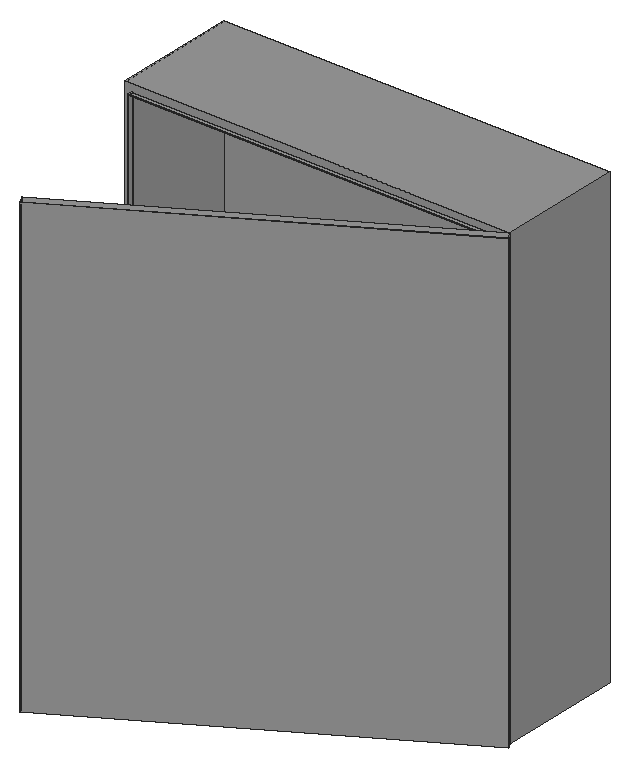
Revit family "Hager-Univers-IP55-D275-H950-Cl.I-Steel_encl-NoHosted-PL-en", category Equipement électrique, Revit 2020
Family settings
  Configuration du panneau = Deux colonnes, circuits au sein
  Cote de connecteur circulaire = Utiliser le diamètre
  Type d'élément = Tableau de raccordement
  Basée sur le plan de construction = Oui
  Toujours verticalement = Oui
  Couper avec des vides une fois chargée = Non
  Partagée = Non
  Point de calcul de pièce = Non
Parameters (values of type "Surface mounted (plaster) IP55 W800 H950 D275  - FR63E")
  Width Control [instance] = if([EF000008 - Width] > Min Width, [EF000008 - Width], Min Width)  # 800 mm
  Commentaires du type = [HG000003 - Range]  # "Univers"
  Thickness Door [instance] = if([EF009171 - Material plate thickness door/cover] > 3 mm, 3 mm, [EF009171 - Material plate thickness door/cover])  # 1.5 mm
  Seal Frame Offset [instance] = 17 mm  # constant formula
  Plinth Visibility [instance] = [HG000027 - Plinth height] > 0 mm  # no
  Min Width [instance] = 100 mm  # constant formula
  Min Depth [instance] = (2 * [EF009170 - Material plate thickness cabinet]) + 1 mm  # 4 mm
  Min Height [instance] = 100 mm  # constant formula
  Internal Frame Depth [instance] = (Door System Depth * 0.5)  # 9 mm
  Panel Name [instance] = ""  # (empty or 0)
  Model = ""
  HG000027 - Plinth height = 0 mm
  HG000026 - Floor standing = no
  HG000024 - Bottom section height = 600 mm
  HG000023 - Double section enclosure = no
  HG000016 - Door 3d visibility [instance] = yes
  HG000015 - Clearance visibility [instance] = no
  HG000014 - Door on the right [instance] = yes
  HG000013 - Door on the left [instance] = not([HG000014 - Door on the right])  # no
  HG000012 - Door swing angle [instance] = 30.00°
  HG000010 - Asymmetric doors = no
  HG000009 - Double swing door = no
  HG000006 - Flush mounted = no
  HG000004 - Manufacturer reference = "FR63E"
  HG000003 - Range = "Univers"
  HG000002 - With door or cover = yes
  Frame Offset Bottom [instance] = 10 mm  # constant formula
  Frame Offset [instance] = 15 mm  # constant formula
  EF015940 - Cover with overpressure release = no
  EF011959 - Degree of protection (NEMA) = ""
  EF009554 - Number of openings for flange plates = 6
  EF009212 - Cover model = "EV000116 - Closed"
  EF009171 - Material plate thickness door/cover = 1.5 mm
  EF009170 - Material plate thickness cabinet = 1.5 mm
  EF008873 - Nominal current (In) = 800 A
  EF007800 - Suitable for lightning protection = no
  EF006306 - With lock = no
  EF006244 - Transparent cover/door = no
  EF005474 - Degree of protection (IP) = "EV006420 - IP55"
  EF004464 - Type of door = "EV002646 - Single"
  EF004427 - Number of modules = 216
  EF004293 - Impact strength = "EV008784 - IK10"
  EF003532 - Suitable for outdoor use = no
  EF002950 - Width in number of modular spacings = 24
  EF001613 - Circuit integrity = "EV000494 - None"
  EF001596 - Material housing = "EV000179 - Steel"
  EF001131 - Internal depth = 275 mm
  EF001088 - Extension possible = yes
  EF000437 - Number of conduit inlets = 6
  EF000339 - Type of cover = "EV004216 - Door"
  EF000266 - Number of rows = 6
  EF000218 - Built-in depth = 0 mm
  EF000118 - With mounting plate = no
  EF000116 - RAL-number = "7035"
  EF000049 - Depth = 275 mm
  EF000040 - Height = 950 mm
  EF000008 - Width = 800 mm
  EF000007 - Colour = "EV000270 - Grey"
  EF000003 - Mounting method = "EV000384 - Surface mounted (plaster)"
  Door System Leaf Tolerance [instance] = 1.5 mm  # constant formula
  Door System Depth [instance] = 18 mm  # constant formula
  Door Height [instance] = Height Control - [HG000027 - Plinth height]  # 950 mm
  Description = ""
  Default Elevation = 1219.2 mm
  Connector Offset [instance] = Height Control / 2  # 475 mm
  Fabricant = "Hager"  # constant formula
  Height Control [instance] = if([EF000040 - Height] > Min Height, [EF000040 - Height], Min Height)  # 950 mm
  Depth Control [instance] = if([EF000049 - Depth] > Min Depth, [EF000049 - Depth], Min Depth)  # 275 mm
  Bottom Top Plate Trim [instance] = 1.5 mm  # constant formula
  Plinth height Ctrl [instance] = if([HG000027 - Plinth height] > 0 mm, [HG000027 - Plinth height], 12 mm)  # 12 mm
Types (5, lengths in mm): name | Width Control | HG000010 - Asymmetric doors | HG000009 - Double swing door | HG000004 - Manufacturer reference | EF009554 - Number of openings for flange plates | EF004464 - Type of door | EF004427 - Number of modules | EF000437 - Number of conduit inlets | EF000008 - Width
  Surface mounted (plaster) IP55 W1050 H950 D275  - FR64E | 1050 | no | yes | "FR64E" | 8 | "EV003602 - Double" | 288 | 8 | 1050
  Surface mounted (plaster) IP55 W1300 H950 D275  - FR65E | 1300 | yes | yes | "FR65E" | 10 | "EV003602 - Double" | 360 | 10 | 1300
  Surface mounted (plaster) IP55 W300 H950 D275  - FR61E | 300 | no | no | "FR61E" | 2 | "EV002646 - Single" | 72 | 2 | 300
  Surface mounted (plaster) IP55 W550 H950 D275  - FR62E | 550 | no | no | "FR62E" | 4 | "EV002646 - Single" | 144 | 4 | 550
  Surface mounted (plaster) IP55 W800 H950 D275  - FR63E | 800 | no | no | "FR63E" | 6 | "EV002646 - Single" | 216 | 6 | 800
Reference planes
  plane 1 "Center (Front/Back)": y = 0
  plane 2: z = 0
  plane 3 "Center (Left/Right)": x = 0
  plane 4: y = 0
  plane 5: y = 0
  plane 6: z = 0
  plane 7: x = -400
  plane 8: x = 400
  plane 9: x = 398.5
  plane 10: x = -398.5
  plane 11: z = 0
  plane 12: z = 1.5
  plane 13: y = -275
  plane 14: y = -1.5
  plane 15: x = 0
  plane 16: y = -257
  plane 17: y = -273.5
  plane 18: y = -255.5
  plane 19: x = -383.5
  plane 20: x = 383.5
  plane 21: z = 11.5
  plane 22: x = -383
  plane 23: x = 383
  plane 24: z = 0
  plane 25: z = 950
  plane 26: z = 950
  plane 27: z = 933.5
  plane 28: z = 948.5
Forms (mm)
  Extrusion 1, solid, material "Hager_Steel_RAL7035_Light_Grey", detail levels medium+fine
    sketch origin (-208.679, -4572, 0) x (-1, 0, 0) y (0, -1, 0)
      loop
        line (191.321, -4315) -> (-608.679, -4315) -> (-608.679, -4572) -> (191.321, -4572) -> (191.321, -4315)
    from 0 to 950
  Extrusion 2, void
    sketch origin (-350.771, -275, 1219.2) x (1, 0, 0) y (0, 0, 1)
      loop
        line (-47.729, -270.7) -> (-47.729, -1217.7) -> (749.271, -1217.7) -> (749.271, -270.7) -> (-47.729, -270.7)
    from -19.5 to -273.5
  Extrusion 3, void
    sketch origin (-290.084, -257, 1219.2) x (1, 0, 0) y (0, 0, 1)
      loop
        line (-93.416, -1207.7) -> (673.584, -1207.7) -> (673.584, -285.7) -> (-93.416, -285.7) -> (-93.416, -1207.7)
    from 0 to -1.5
  Extrusion 4, solid, material "Hager_Steel_RAL7035_Light_Grey", visible <- "Plinth Visibility", detail levels medium+fine
    sketch origin (0, 0, 0) x (1, 0, 0) y (0, 1, 0)
      loop
        line (-400, 0) -> (-400, -257) -> (400, -257) -> (400, 0) -> (-400, 0)
    from 0 to 12 <- "Plinth height Ctrl"
  Extrusion 5, solid, material "Hager_Steel_RAL7035_Light_Grey", detail levels coarse
    sketch origin (0, 0, 0) x (1, 0, 0) y (0, 1, 0)
      loop
        line (-400, 0) -> (-400, -275) -> (400, -275) -> (400, 0) -> (-400, 0)
    from 0 to 950 <- "Height Control"
  Sweep 6, void
    path in 3D
      loop
        line (-400, -257, 12) -> (400, -257, 12) -> (400, 0, 12) -> (-400, 0, 12) -> (-400, -257, 12)
    profile origin (-400, -128.5, 12) x (1, 0, 0) y (0, 0, 1)
      loop
        line (0, 0) -> (0, -1.5) -> (1.5, -1.5)
        arc (1.5, -1.5) -> (1.061, -0.439) -> (0, 0) r 1.5
  Extrusion 7, solid, material "Hager_Steel_RAL7035_Light_Grey", detail levels fine
    sketch origin (-400, -257, 0) x (1, 0, 0) y (0, 0, 1)
      loop
        line (16.5, 11.5) -> (783.5, 11.5) -> (783.5, 933.5) -> (16.5, 933.5) -> (16.5, 11.5)
      loop
        line (15, 10) -> (785, 10) -> (785, 935) -> (15, 935) -> (15, 10)
    from 0 to 9 <- "Internal Frame Depth"
Cuts and joins
  Extrusion 2, Extrusion 3 cuts Extrusion 1
  Sweep 6 cuts Extrusion 4
Lines and regions (mm)
  Masking region 1
    outline origin (0, 0, 0) x (1, 0, 0) y (0, 1, 0)
      loop
        line (-400, 0) -> (-400, -275) -> (400, -275) -> (400, 0) -> (-400, 0)
  Masking region 2, detail levels coarse
    outline origin (-290.084, -257, 1219.2) x (-1, 0, 0) y (0, 0, 1)
      loop
        line (-690.084, -1219.2) -> (109.916, -1219.2) -> (109.916, -269.2) -> (-690.084, -269.2) -> (-690.084, -1219.2)
  Masking region 3, detail levels coarse
    outline origin (0, 0, 0) x (0, 1, 0) y (0, 0, 1)
      loop
        line (0, 0) -> (0, 950) -> (-275, 950) -> (-275, 0) -> (0, 0)
  Masking region 4, visible <- "Plinth Visibility", detail levels medium+fine
    outline origin (0, 0, 0) x (0, 1, 0) y (0, 0, 1)
      loop
        line (-1.5, 12) -> (-255.5, 12)
        arc (-255.5, 12) -> (-255.939, 10.939) -> (-257, 10.5) r 1.5
        line (-257, 10.5) -> (-257, 0) -> (0, 0) -> (0, 10.5)
        arc (0, 10.5) -> (-1.061, 10.939) -> (-1.5, 12) r 1.5
  Masking region 5, detail levels medium+fine
    outline origin (0, 0, 594.038) x (0, 1, 0) y (0, 0, 1)
      loop
        line (0, -594.038) -> (0, 355.962) -> (-257, 355.962) -> (-257, -594.038) -> (0, -594.038)
  Masking region 6, detail levels medium+fine
    outline origin (-359.7, -257, 1211.883) x (-1, 0, 0) y (0, 0, 1)
      loop
        line (-759.7, -1211.883) -> (40.3, -1211.883) -> (40.3, -261.883) -> (-759.7, -261.883) -> (-759.7, -1211.883)
  Masking region 7, visible <- "Plinth Visibility", detail levels medium+fine
    outline origin (-320.334, -257, 1041.368) x (-1, 0, 0) y (0, 0, 1)
      loop
        line (-720.334, -1041.368) -> (79.666, -1041.368) -> (79.666, -1030.868)
        arc (79.666, -1030.868) -> (78.606, -1030.429) -> (78.166, -1029.368) r 1.5
        line (78.166, -1029.368) -> (-718.834, -1029.368)
        arc (-718.834, -1029.368) -> (-719.273, -1030.429) -> (-720.334, -1030.868) r 1.5
        line (-720.334, -1030.868) -> (-720.334, -1041.368)
  sketch lines
    curve 1: line (-400, 0, 12) -> (-400, -257, 12)
    curve 2: line (-400, -257, 12) -> (400, -257, 12)
    curve 3: line (400, 0, 12) -> (-400, 0, 12)
    curve 4: line (400, -257, 12) -> (400, 0, 12)
Dimensions and locks
  locked: plane 1 "Center (Front/Back)" to plane 5
  "EF009170 - Material plate thickness cabinet": plane 7 to plane 10
  "EF009170 - Material plate thickness cabinet": plane 8 to plane 9
  equal spacing: plane 7, plane 3 "Center (Left/Right)", plane 8
  "Width Control": plane 7 to plane 8
  "Depth Control": plane 4 to plane 13
  "EF009170 - Material plate thickness cabinet": plane 4 to plane 14
  "Height Control": plane 25 to level
  "HG000027 - Plinth height": plane 11 to level
  "EF009170 - Material plate thickness cabinet": plane 12 to plane 11
  "EF009170 - Material plate thickness cabinet": plane 17 to plane 13
  "EF009170 - Material plate thickness cabinet": plane 18 to plane 16
  "Frame Offset Bottom": plane 21 to plane 12
  "Frame Offset": plane 10 to plane 19
  "Frame Offset": plane 9 to plane 20
  "Door System Depth": plane 16 to plane 13
  "Seal Frame Offset": plane 7 to plane 22
  "Seal Frame Offset": plane 8 to plane 23
  "EF009170 - Material plate thickness cabinet": plane 26 to plane 28
  "Frame Offset": plane 28 to plane 27
  "Connector Offset": plane 2 to connector elem
  "Bottom Top Plate Trim": profile plane to Sweep 6 sketch curve
  "Bottom Top Plate Trim": Sweep 6 sketch curve to Sweep 6 sketch curve
  "Plinth height Ctrl": Masking region 4 sketch curve to level
  "Plinth height Ctrl": Masking region 7 sketch curve to level
  "Thickness Door": Extrusion 7 sketch curve to Extrusion 7 sketch curve  (x4)
  "Bottom Top Plate Trim": radius of Sweep 6 sketch curve
  "Bottom Top Plate Trim": radius of Masking region 4 sketch curve  (x2)
  "Bottom Top Plate Trim": radius of Masking region 7 sketch curve  (x2)
  aligned and locked: Extrusion 2 sketch curve to plane 12
  aligned and locked: Extrusion 2 sketch curve to plane 9
  aligned and locked: Extrusion 2 sketch curve to plane 10
  aligned and locked: Extrusion 2 to plane 14
  aligned and locked: Extrusion 1 sketch curve to plane 4
  aligned and locked: plane 8 to Extrusion 1 sketch curve
  aligned and locked: plane 7 to Extrusion 1 sketch curve
  aligned and locked: Extrusion 2 to plane 18
  aligned and locked: Extrusion 3 sketch curve to plane 19
  aligned and locked: plane 20 to Extrusion 3 sketch curve
  aligned and locked: Extrusion 3 to Extrusion 2
  aligned and locked: Extrusion 3 sketch curve to plane 21
  aligned and locked: plane 3 "Center (Left/Right)" to nested 1
  aligned and locked: Extrusion 1 sketch curve to plane 16
  aligned and locked: Extrusion 4 sketch curve to cut or joined group of Extrusion 1, Extrusion 2, Extrusion 3
  aligned and locked: Masking region 1 sketch curve to plane 7
  aligned and locked: Masking region 1 sketch curve to plane 5
  aligned and locked: Masking region 1 sketch curve to plane 8
  aligned and locked: Masking region 2 sketch curve to level
  aligned and locked: level to Masking region 3 sketch curve
  aligned and locked: plane 1 "Center (Front/Back)" to Masking region 3 sketch curve
  aligned and locked: plane 13 to Masking region 3 sketch curve
  aligned and locked: plane 5 to Masking region 4 sketch curve
  aligned and locked: Masking region 2 sketch curve to plane 8
  aligned and locked: Masking region 2 sketch curve to plane 7
  aligned and locked: plane 7 to nested 2
  aligned and locked: nested 2 to plane 5
  aligned and locked: plane 5 to Masking region 5 sketch curve
  aligned and locked: plane 26 to Masking region 5 sketch curve
  aligned and locked: Extrusion 5 sketch curve to plane 8
  aligned and locked: Extrusion 5 sketch curve to plane 7
  aligned and locked: Extrusion 5 sketch curve to plane 5
  aligned and locked: Extrusion 3 sketch curve to plane 27
  aligned and locked: Extrusion 2 sketch curve to plane 28
  aligned and locked: Masking region 2 to plane 25
  aligned and locked: Extrusion 4 to plane 16
  aligned and locked: profile plane to Sweep 6 sketch curve
  aligned and locked: Masking region 5 sketch curve to plane 24
  aligned and locked: level to Masking region 4 sketch curve
  aligned and locked: Masking region 1 to plane 13
  aligned and locked: nested 1 to plane 16
  aligned and locked: Masking region 3 to plane 25
  aligned and locked: plane 16 to Masking region 4 sketch curve
  aligned and locked: Masking region 5 sketch curve to plane 16
  aligned and locked: plane 24 to plane 11
  aligned and locked: plane 26 to plane 25
  aligned and locked: plane 26 to cut or joined group of Extrusion 1, Extrusion 2, Extrusion 3
  aligned and locked: nested 1 to plane 24
  aligned and locked: Extrusion 1 to Extrusion 3
  aligned and locked: Masking region 6 sketch curve to plane 8
  aligned and locked: Masking region 6 sketch curve to plane 24
  aligned and locked: Masking region 6 sketch curve to plane 7
  aligned and locked: Masking region 6 sketch curve to plane 26
  aligned and locked: Masking region 7 sketch curve to plane 7
  aligned and locked: level to Masking region 7 sketch curve
  aligned and locked: Masking region 7 sketch curve to plane 8
  aligned and locked: Extrusion 7 sketch curve to cut or joined group of Extrusion 1, Extrusion 2, Extrusion 3  (x4)
Automatic sketch dimensions
  plane 19 to Extrusion 3 sketch curve = 0 mm
  Extrusion 3 sketch curve to plane 20 = 0 mm
  Extrusion 3 sketch curve to plane 21 = 0 mm
  Extrusion 4 sketch curve to plane 7 = 0 mm
  Extrusion 4 sketch curve to plane 8 = 0 mm
  Extrusion 4 sketch curve to plane 16 = 0 mm
  Masking region 1 sketch curve to plane 13 = 0 mm
  Masking region 2 sketch curve to plane 25 = 0 mm
  Masking region 3 sketch curve to plane 25 = 0 mm
  Extrusion 5 sketch curve to plane 13 = 0 mm
  profile plane to Sweep 6 sketch curve = 0 mm
Nested families
  nested 1: "EC000058_Univers_Door" at (0, -257, 0), Double <- "HG000009 - Double swing door", Transparent <- "EF006244 - Transparent cover/door", Angle <- "HG000012 - Door swing angle", Door_Right <- "HG000014 - Door on the right", Assymetrical <- "HG000010 - Asymmetric doors", Door <- "HG000002 - With door or cover", Width_Ctrl <- "Width Control", 3d_Door <- "HG000016 - Door 3d visibility", Clearance <- "HG000015 - Clearance visibility", Door_Left <- "HG000013 - Door on the left", Width <- "Width Control", Door_Depth <- "Door System Depth", Leaf_Tolerance <- "Door System Leaf Tolerance", Height <- "Door Height", Lock_Visibility <- "EF006306 - With lock", Thickness <- "Thickness Door", type "EC000058_Univers_Door", detail levels medium+fine
    with min_wh 4 mm, Width_Ctrl 800 mm, Width 800 mm, Transparent no, Thickness 1.5 mm, Seal_Material Hager_Rubber, Lock_Visibility no, Lock_Material Hager_Plastic_RAL9005_Jet_Black, Leaf_Width 800 mm, Leaf_Tolerance_External_Sides 0 mm, Leaf_Tolerance 1.5 mm, Leaf_Offset 0 mm, Leaf_Height 947 mm, Leaf_2_Width 800 mm, Leaf_2_Offset 400 mm, Leaf_1_Width 800 mm, Leaf_1_Offset 400 mm, Height_Ctrl 950 mm, Height 950 mm, Glass_Material Hager_Glass, Double_Clearance_Ctrl no, Double no, Door_Right_Ctrl yes, Door_Right yes, Door_Material Hager_Steel_RAL7035_Light_Grey, Door_Left_Ctrl no, Door_Left no, Door_Depth 18 mm, Door yes, Clearance_Material Hager_Clearance, Clearance_Depth 800 mm, Clearance_Ctrl no, Clearance no, Assymetrical no, Angle 30.00°, 3d_Door yes
  nested 2: "Hager_Enclosure_Symbol" at (-400, 0, 0), Height <- "Depth Control", Width <- "Width Control", type "Hager_Enclosure_Symbol"
    with Width_Ctrl 800 mm, Width 800 mm, Height_Ctrl 275 mm, Height 275 mm, A_Width_Int 18.047 mm, A_Width 216.562 mm, A_Height_Ctrl 240.625 mm, A_Height 240.625 mm
Connectors
  electrical at (0, 0, 475)
    settings: on plane 1 "Center (Front/Back)", index 1, voltage 0 V, apparent load 0 VA, apparent load phase1 0 VA, apparent load phase2 0 VA, apparent load phase3 0 VA, power factor 1, load classification "Other", number of poles 1, system type 30, power factor state 1, is connector primary yes, connector utility no, sub classification motor no, connector description ""
Definition of nested family "EC000058_Univers_Door"
  Parameters (values of type "EC000058_Univers_Door")
    min_wh [instance] = (2 * Thickness) + 1 mm  # 11 mm
    Width_Ctrl [instance] = 400 mm
    Width [instance] = 500 mm
    Transparent [instance] = yes
    Thickness [instance] = 5 mm
    Seal_Material [instance] = none
    Lock_Visibility [instance] = yes
    Lock_Material [instance] = none
    Leaf_Width [instance] = if((Width_Ctrl - 2 * Leaf_Tolerance_External_Sides) > 0 mm, (Width_Ctrl - 2 * Leaf_Tolerance_External_Sides), min_wh)  # 400 mm
    Leaf_Tolerance_External_Sides [instance] = 0 mm  # constant formula
    Leaf_Tolerance [instance] = 1.5 mm
    Leaf_Offset [instance] = 0 mm  # constant formula
    Leaf_Height [instance] = if((Height_Ctrl - 2 * Leaf_Tolerance) > 0 mm, (Height_Ctrl - 2 * Leaf_Tolerance), min_wh)  # 497 mm
    Leaf_2_Width [instance] = if(and(and(Double, Assymetrical), Door_Left), (Leaf_Width / 3) - (Leaf_Tolerance / 2), if(and(and(Double, Assymetrical), Door_Right), (Leaf_Width / 3) * 2 - (Leaf_Tolerance / 2), if(and(Double, not(Assymetrical)), (Leaf_Width / 2) - Leaf_Tolerance, Leaf_Width)))  # 400 mm
    Leaf_2_Offset [instance] = if(and(Double, Assymetrical), Leaf_2_Width / 2, if(and(Double, not(Assymetrical)), Leaf_Width / 4, Leaf_Width / 2))  # 200 mm
    Leaf_1_Width [instance] = if(and(and(Double, Assymetrical), Door_Right), (Leaf_Width / 3) - (Leaf_Tolerance / 2), if(and(and(Double, Assymetrical), Door_Left), (Width / 3) * 2 - (Leaf_Tolerance / 2), if(and(Double, not(Assymetrical)), (Leaf_Width / 2) - Leaf_Tolerance, Leaf_Width)))  # 400 mm
    Leaf_1_Offset [instance] = if(and(Double, Assymetrical), Leaf_1_Width / 2, if(and(Double, not(Assymetrical)), Leaf_Width / 4, Leaf_Width / 2))  # 200 mm
    Height_Ctrl [instance] = if(Height > min_wh, Height, min_wh)  # 500 mm
    Height [instance] = 500 mm
    Glass_Material [instance] = none
    Double_Clearance_Ctrl [instance] = and(Double, Clearance)  # no
    Double [instance] = no
    Door_Right_Ctrl [instance] = and(or(Door_Right, Double), Door)  # yes
    Door_Right [instance] = yes
    Door_Material [instance] = none
    Door_Left_Ctrl [instance] = and(or(Door_Left, Double), Door)  # no
    Door_Left [instance] = no
    Door_Depth [instance] = 30 mm
    Door [instance] = yes
    Default Elevation = 1219.2 mm
    Clearance_Material [instance] = none
    Clearance_Depth [instance] = if(Leaf_1_Width > Leaf_2_Width, Leaf_1_Width, Leaf_2_Width)  # 400 mm
    Clearance_Ctrl [instance] = and(not(Double), Clearance)  # yes
    Clearance [instance] = yes
    Assymetrical [instance] = yes
    Angle [instance] = 30.00°
    3d_Door [instance] = yes
  Reference planes
    plane 1 "Center (Front/Back)": y = 0
    plane 2 "Bottom": z = 0
    plane 3 "Center (Left/Right)": x = 0
    plane 4: z = 500
    plane 5: x = -200
    plane 6: x = 200
    plane 7: z = 500
    plane 8: x = -200
    plane 9: z = 0
    plane 10: x = 200
    plane 11: y = 0
    plane 12: z = 1.5
    plane 13: x = -600
    plane 14: y = -400
    plane 15: x = 600
    plane 16: x = 0
    plane 17: x = 0
    plane 18: x = -200
    plane 19: x = 200
    plane 20: z = 498.5
  Forms (mm)
    Extrusion 1, solid, material <- "Clearance_Material", visible <- "Double_Clearance_Ctrl"
      sketch origin (1200, 0, 0) x (1, 0, 0) y (0, 0, -1)
        loop
          line (-1800, -498.5) -> (-600, -498.5) -> (-600, 0) -> (-1800, 0) -> (-1800, -498.5)
      from 0 to -400
  Dimensions and locks
    equal spacing: plane 5, plane 3 "Center (Left/Right)", plane 6
    "Width_Ctrl": plane 5 to plane 6
    "Leaf_Offset": plane 5 to plane 8
    "Leaf_Offset": plane 6 to plane 10
    "Leaf_Offset": plane 9 to level
    "Leaf_Offset": plane 4 to plane 7
    "Height_Ctrl": plane 4 to level
    "Leaf_Tolerance": plane 12 to plane 9
    locked: plane 11 to plane 1 "Center (Front/Back)"
    "Leaf_1_Offset": plane 18 to plane 16
    "Leaf_2_Offset": plane 17 to plane 19
    "Leaf_1_Width": plane 13 to plane 8
    "Leaf_2_Width": plane 10 to plane 15
    "Clearance_Depth": plane 14 to plane 1 "Center (Front/Back)"
    "Leaf_Tolerance_External_Sides": plane 8 to plane 18
    "Leaf_Tolerance_External_Sides": plane 19 to plane 10
    "Leaf_Tolerance": plane 7 to plane 20
    aligned and locked: level to plane 2 "Bottom"
    aligned and locked: nested 1 to plane 16
    aligned and locked: nested 2 to plane 17
    aligned and locked: Extrusion 1 to plane 13
    aligned and locked: plane 15 to Extrusion 1
    aligned and locked: Extrusion 1 to plane 14
    aligned and locked: plane 12 to nested 1
    aligned and locked: nested 2 to plane 12
    aligned and locked: Extrusion 1 to plane 11
    aligned and locked: plane 20 to Extrusion 1
    aligned and locked: nested 2 to plane 11
    aligned and locked: nested 1 to plane 11
  Automatic sketch dimensions
    Extrusion 1 sketch curve to level = 0 mm
    plane 5 to Extrusion 1 sketch curve = 400 mm
    plane 6 to Extrusion 1 sketch curve = 400 mm
    Extrusion 1 sketch curve to plane 4 = 1.5 mm
  Nested families
    nested 1: "EC000058_Univers_Door_Leaf" at (0, 0, 1.5), Width <- "Leaf_1_Width", visible <- "Door_Left_Ctrl", Leaf_Height <- "Leaf_Height", Angle <- "Angle", 3d_Door <- "3d_Door", Transparent <- "Transparent", Clearance Material <- "Clearance_Material", Clearance <- "Clearance_Ctrl", Door_Material <- "Door_Material", Glass_Material <- "Glass_Material", Door_Depth <- "Door_Depth", Lock_Material <- "Lock_Material", Seal_Material <- "Seal_Material", Lock_Visibility <- "Lock_Visibility", Thickness <- "Thickness", type "EC000058_Univers_Door_Leaf"
      with Width 400 mm, Transparent_Glass_Offset 30 mm, Transparent_Ctrl yes, Transparent yes, Thickness 5 mm, Standard no, Seal_Material none, Seal_D2 8 mm, Seal_D1 1 mm, Offset_Internal_Frame 10 mm, Lock_Width 20 mm, Lock_Visibility_3d yes, Lock_Visibility yes, Lock_Thickness_3 3 mm, Lock_Thickness_2 1 mm, Lock_Thickness_1 3 mm, Lock_Radius_Offset_2 16 mm, Lock_Radius_Offset_1 15 mm, Lock_Radius_2 5 mm, Lock_Radius 6 mm, Lock_Offset 5 mm, Lock_Material none, Lock_Height 80 mm, Lock_Cover_Top_Offset_2d 17 mm, Lock_Cover_Height -65 mm, Leaf_Height 497 mm, Internal_Seal_Thickness 8 mm, Internal_Seal_Depth_2 4.5 mm, Internal_Frame_Depth 25 mm, Glass_Thickness -1 mm, Glass_Offset -2 mm, Glass_Material none, Door_Material none, Door_Depth 30 mm, Clearance Material none, Clearance yes, Angle_Ctrl 30.00°, Angle 30.00°, 3d_Door yes
    nested 2: "EC000058_Univers_Door_Leaf" at (0, 0, 1.5) x (-1, 0, 0) z (0, 0, 1), Width <- "Leaf_2_Width", visible <- "Door_Right_Ctrl", Leaf_Height <- "Leaf_Height", Angle <- "Angle", 3d_Door <- "3d_Door", Transparent <- "Transparent", Clearance Material <- "Clearance_Material", Clearance <- "Clearance_Ctrl", Door_Material <- "Door_Material", Glass_Material <- "Glass_Material", Door_Depth <- "Door_Depth", Lock_Material <- "Lock_Material", Seal_Material <- "Seal_Material", Lock_Visibility <- "Lock_Visibility", Thickness <- "Thickness", type "EC000058_Univers_Door_Leaf"
      with Width 400 mm, Transparent_Glass_Offset 30 mm, Transparent_Ctrl yes, Transparent yes, Thickness 5 mm, Standard no, Seal_Material none, Seal_D2 8 mm, Seal_D1 1 mm, Offset_Internal_Frame 10 mm, Lock_Width 20 mm, Lock_Visibility_3d yes, Lock_Visibility yes, Lock_Thickness_3 3 mm, Lock_Thickness_2 1 mm, Lock_Thickness_1 3 mm, Lock_Radius_Offset_2 16 mm, Lock_Radius_Offset_1 15 mm, Lock_Radius_2 5 mm, Lock_Radius 6 mm, Lock_Offset 5 mm, Lock_Material none, Lock_Height 80 mm, Lock_Cover_Top_Offset_2d 17 mm, Lock_Cover_Height -65 mm, Leaf_Height 497 mm, Internal_Seal_Thickness 8 mm, Internal_Seal_Depth_2 4.5 mm, Internal_Frame_Depth 25 mm, Glass_Thickness -1 mm, Glass_Offset -2 mm, Glass_Material none, Door_Material none, Door_Depth 30 mm, Clearance Material none, Clearance yes, Angle_Ctrl 30.00°, Angle 30.00°, 3d_Door yes
  Definition of nested family "EC000058_Univers_Door_Leaf"
    Parameters (values of type "EC000058_Univers_Door_Leaf")
      Width [instance] = 2000 mm
      Transparent_Glass_Offset [instance] = 30 mm
      Transparent_Ctrl [instance] = and(Transparent, [3d_Door])  # yes
      Transparent [instance] = yes
      Thickness [instance] = 5 mm
      Standard [instance] = and(not(Transparent), [3d_Door])  # no
      Seal_Material [instance] = none
      Seal_D2 [instance] = 8 mm  # constant formula
      Seal_D1 [instance] = 1 mm  # constant formula
      Offset_Internal_Frame [instance] = 10 mm  # constant formula
      Lock_Width [instance] = 20 mm  # constant formula
      Lock_Visibility_3d [instance] = and(Lock_Visibility, [3d_Door])  # yes
      Lock_Visibility [instance] = yes
      Lock_Thickness_3 [instance] = 3 mm  # constant formula
      Lock_Thickness_2 [instance] = 1 mm  # constant formula
      Lock_Thickness_1 [instance] = 3 mm  # constant formula
      Lock_Radius_Offset_2 [instance] = Lock_Radius_Offset_1 + 1 mm  # 16 mm
      Lock_Radius_Offset_1 [instance] = 15 mm  # constant formula
      Lock_Radius_2 [instance] = Lock_Radius - 1 mm  # 5 mm
      Lock_Radius [instance] = 6 mm  # constant formula
      Lock_Offset [instance] = 5 mm  # constant formula
      Lock_Material [instance] = none
      Lock_Height [instance] = 80 mm  # constant formula
      Lock_Cover_Top_Offset_2d [instance] = Lock_Radius_Offset_2 + 1 mm  # 17 mm
      Lock_Cover_Height [instance] = -(Lock_Height - Lock_Radius_Offset_1)  # -65 mm
      Leaf_Height [instance] = 2720.336 mm
      Internal_Seal_Thickness [instance] = 8 mm  # constant formula
      Internal_Seal_Depth_2 [instance] = 4.5 mm  # constant formula
      Internal_Frame_Depth [instance] = if(Door_Depth - Thickness > 5 mm, Door_Depth - Thickness, 5 mm)  # 25 mm
      Glass_Thickness [instance] = if(Thickness > 15 mm, Glass_Offset + 10 mm, -1 mm)  # -1 mm
      Glass_Offset [instance] = if(Thickness > 15 mm, -(Thickness + 10 mm) / 2, -2 mm)  # -2 mm
      Glass_Material [instance] = none
      Door_Material [instance] = none
      Door_Depth [instance] = 30 mm
      Default Elevation = 0 mm
      Clearance Material [instance] = none
      Clearance [instance] = yes
      Angle_Ctrl [instance] = if(Angle > 180.00°, 180.00°, Angle)  # 90.00°
      Angle [instance] = 90.00°
      3d_Door [instance] = yes
    Reference planes
      plane 1 "Center (Front/Back)": y = 0
      plane 2: z = 0
      plane 3 "Center (Left/Right)": x = 0
      plane 4: y = 2000
      plane 5: x = -1000
      plane 6: x = 1000
      plane 7: x = -3000
      plane 8: z = 2720.336
      plane 9: z = 30
      plane 10: z = 2690.336
      plane 11: x = 970
      plane 12: x = -970
      plane 13: y = -3
      plane 14: z = 107.833
      plane 15: y = -5
      plane 16: y = -223.314
      plane 17: x = -1000
      plane 18: z = 1360.168
      plane 19: y = 30
    Forms (mm)
      Extrusion 1, solid, material <- "Clearance Material", visible <- "Clearance"
        sketch origin (0, 0, 0) x (1, 0, 0) y (0, 0, 1)
          loop
            line (-3000, 2720.336) -> (-3000, 0) -> (1000, 0) -> (1000, 2720.336) -> (-3000, 2720.336)
        from 0 to -2000
      Extrusion 2, solid, material <- "Door_Material", visible <- "Standard", detail levels medium+fine
        sketch origin (-1000, 0, 0) x (0, 1, 0) y (-1, 0, 0)
          loop
            line (0, 30) -> (0, 25) -> (2000, 25) -> (2000, 30) -> (0, 30)
        from 0 to 2720.336 <- "Leaf_Height"
      Extrusion 3, solid, material <- "Door_Material", visible <- "Transparent_Ctrl", detail levels medium+fine
        sketch origin (-1000, 0, 0) x (0, 1, 0) y (-1, 0, 0)
          loop
            line (0, 25) -> (2000, 25) -> (2000, 30) -> (0, 30) -> (0, 25)
        from 0 to 2720.336 <- "Leaf_Height"
      Extrusion 4, void
        sketch origin (-1025, 2000, 0) x (0, 1, 0) y (0, 0, -1)
          loop
            line (-30, -2690.336) -> (-30, -30) -> (-1970, -30) -> (-1970, -2690.336) -> (-30, -2690.336)
        from 0 to 5 <- "Thickness"
      Sweep 5, solid, material <- "Seal_Material", visible <- "Transparent_Ctrl", detail levels fine
        path in 3D
          loop
            line (-1025, 30, 30) -> (-1025, 30, 2690.336) -> (-1025, 1970, 2690.336) -> (-1025, 1970, 30) -> (-1025, 30, 30)
        profile origin (-1025, 1000, 30) x (1, 0, 0) y (0, 0, 1)
          loop
            line (0, 0) -> (0, -8) -> (1, -8) -> (1, 0) -> (0, 0)
      Extrusion 6, solid, material <- "Glass_Material", visible <- "Transparent_Ctrl", detail levels medium+fine
        sketch origin (-1030, 0, 0) x (0, 1, 0) y (0, 0, -1)
          loop
            line (1970, -2690.336) -> (1970, -30) -> (30, -30) -> (30, -2690.336) -> (1970, -2690.336)
        from -2 <- "Glass_Offset" to -1 <- "Glass_Thickness"
      Extrusion 7, solid, material <- "Door_Material", visible <- "3d_Door", detail levels medium+fine
        sketch origin (-1025, 2000, 0) x (0, -1, 0) y (0, 0, -1)
          loop
            line (0, -2720.336) -> (2000, -2720.336) -> (2000, 0) -> (0, 0) -> (0, -2720.336)
          loop
            line (1995, -5) -> (5, -5) -> (5, -2715.336) -> (1995, -2715.336) -> (1995, -5)
        from 0 to 25 <- "Internal_Frame_Depth"
      Sweep 8, solid, material <- "Seal_Material", visible <- "Transparent_Ctrl", detail levels fine
        path in 3D
          loop
            line (-1025, 0, 0) -> (-1025, 2000, 0) -> (-1025, 2000, 2720.336) -> (-1025, 0, 2720.336) -> (-1025, 0, 0)
        profile origin (-1025, 0, 1360.168) x (1, 0, 0) y (0, 1, 0)
          loop
            line (0, 10) -> (2.975, 10)
            arc (2.975, 10) -> (4.053, 10.447) -> (4.5, 11.525) r 1.525
            line (4.5, 11.525) -> (4.5, 16.527)
            arc (4.5, 16.527) -> (4.069, 17.569) -> (3.027, 18) r 1.473
            line (3.027, 18) -> (0, 18) -> (0, 10)
      Extrusion 9, solid, material <- "Lock_Material", visible <- "Lock_Visibility_3d", detail levels fine
        sketch origin (-1030, 0, 0) x (0, 1, 0) y (0, 0, -1)
          loop
            arc (1993.5, -1400.168) -> (1994.561, -1399.729) -> (1995, -1398.668) r 1.5
            line (1995, -1398.668) -> (1995, -1320.168) -> (1975, -1320.168) -> (1975, -1398.668)
            arc (1975, -1398.668) -> (1975.439, -1399.729) -> (1976.5, -1400.168) r 1.5
            line (1976.5, -1400.168) -> (1993.5, -1400.168)
        from 3 <- "Lock_Thickness_1" to 0
      Blend 10, solid, material <- "Lock_Material", visible <- "Lock_Visibility_3d", detail levels fine
        base sketch origin (-1033, 0, 0) x (0, 1, 0) y (0, 0, -1)
          loop
            line (1975, -1320.168) -> (1975, -1398.668)
            arc (1975, -1398.668) -> (1975.439, -1399.729) -> (1976.5, -1400.168) r 1.5
            line (1976.5, -1400.168) -> (1993.5, -1400.168)
            arc (1993.5, -1400.168) -> (1994.561, -1399.729) -> (1995, -1398.668) r 1.5
            line (1995, -1398.668) -> (1995, -1320.168) -> (1975, -1320.168)
        top sketch origin (-1033, 0, 0) x (0, 1, 0) y (0, 0, -1)
          loop
            line (1976, -1320.168) -> (1976, -1398.668)
            arc (1976, -1398.668) -> (1976.146, -1399.022) -> (1976.5, -1399.168) r 0.5
            line (1976.5, -1399.168) -> (1993.5, -1399.168)
            arc (1993.5, -1399.168) -> (1993.854, -1399.022) -> (1994, -1398.668) r 0.5
            line (1994, -1398.668) -> (1994, -1320.168) -> (1976, -1320.168)
        from 0 to 1 <- "Lock_Thickness_2"
      Blend 11, solid, material <- "Lock_Material", visible <- "Lock_Visibility_3d", detail levels fine
        base sketch origin (-1034, 0, 0) x (0, 1, 0) y (0, 0, -1)
          loop
            line (1978, -1320.168) -> (1978, -1384.168)
            arc (1978, -1384.168) -> (1985, -1391.168) -> (1992, -1384.168) r 7
            line (1992, -1384.168) -> (1992, -1320.168) -> (1978, -1320.168)
        top sketch origin (-1034, 0, 0) x (0, 1, 0) y (0, 0, -1)
          loop
            line (1991, -1320.168) -> (1979, -1320.168) -> (1979, -1383.168)
            arc (1979, -1383.168) -> (1985, -1389.168) -> (1991, -1383.168) r 6
            line (1991, -1383.168) -> (1991, -1320.168)
        from 0 to 3 <- "Lock_Thickness_3"
      Extrusion 12, solid, material <- "Lock_Material", visible <- "Lock_Visibility_3d", detail levels fine
        sketch origin (-1030, 1975, 1320.168) x (1, 0, 0) y (0, -1, 0)
          loop
            line (-7, -19) -> (-7, -1) -> (0, -1) -> (0, 0) -> (-8, 0) -> (-8, -20) -> (0, -20) -> (0, -19) -> (-7, -19)
        from 0 to -65 <- "Lock_Cover_Height"
      Extrusion 13, void
        sketch origin (-1038, 1995, 1320.168) x (-1, 0, 0) y (0, 0, -1)
          loop
            line (-5, -65) -> (0, -65) -> (-5, -60) -> (-5, -65)
        from 0 to 20 <- "Lock_Width"
      Extrusion 14, void
        sketch origin (-1038, 1975, 1320.168) x (0, -1, 0) y (0, 0, -1)
          loop
            circle (-10, -15.995) r 6
          loop
            circle (-10, -15.995) r 5
        from 0 to 2
      Extrusion 15, solid, material <- "Lock_Material", visible <- "Lock_Visibility_3d", detail levels medium
        sketch origin (-1030, 0, 0) x (0, 1, 0) y (0, 0, -1)
          loop
            arc (1993.5, -1400.168) -> (1994.561, -1399.729) -> (1995, -1398.668) r 1.5
            line (1995, -1398.668) -> (1995, -1320.168) -> (1975, -1320.168) -> (1975, -1398.668)
            arc (1975, -1398.668) -> (1975.439, -1399.729) -> (1976.5, -1400.168) r 1.5
            line (1976.5, -1400.168) -> (1993.5, -1400.168)
        from 8 to 0
    Cuts and joins
      Extrusion 4 cuts Extrusion 3
      Extrusion 13, Extrusion 14 cuts Extrusion 9
      Extrusion 14 cuts Blend 11
      Extrusion 13, Extrusion 14 cuts Extrusion 12
      joined: Extrusion 9, Blend 10, Blend 11, Extrusion 12
      Extrusion 14 cuts Extrusion 15
    Lines and regions (mm)
      Masking region 1, visible <- "Lock_Visibility", detail levels fine
        outline origin (0, 0, 0) x (0, 1, 0) y (0, 0, 1)
          loop
            line (30, 1320.168) -> (33, 1320.168) -> (33, 1400.168) -> (30, 1400.168) -> (30, 1320.168)
      Masking region 2, visible <- "Lock_Visibility", detail levels fine
        outline origin (0, 3.143, 0) x (0, 1, 0) y (0, 0, 1)
          loop
            line (29.857, 1354.168) -> (30.857, 1354.168) -> (30.857, 1366.168) -> (29.857, 1366.168) -> (29.857, 1354.168)
      Masking region 3, detail levels medium+fine
        outline origin (0, 0, 0) x (0, 1, 0) y (0, 0, 1)
          loop
            line (0, 0) -> (30, 0) -> (30, 2720.336) -> (0, 2720.336) -> (0, 0)
      Masking region 4, detail levels medium+fine
        outline origin (0, 0, 0) x (1, 0, 0) y (0, 0, 1)
          loop
            line (-1000, 2720.336) -> (-1000, 0) -> (1000, 0) -> (1000, 2720.336) -> (-1000, 2720.336)
      Masking region 5, visible <- "Lock_Visibility", detail levels fine
        outline origin (-47.116, 0, 0) x (1, 0, 0) y (0, 0, 1)
          loop
            arc (1024.616, 1399.168) -> (1023.556, 1398.729) -> (1023.116, 1397.668) r 1.5
            line (1023.116, 1397.668) -> (1023.116, 1320.168) -> (1041.116, 1320.168) -> (1041.116, 1397.668)
            arc (1041.116, 1397.668) -> (1040.677, 1398.729) -> (1039.616, 1399.168) r 1.5
            line (1039.616, 1399.168) -> (1024.616, 1399.168)
      Masking region 6, visible <- "Lock_Visibility", detail levels medium+fine
        outline origin (-25, 0, 0) x (1, 0, 0) y (0, 0, 1)
          loop
            arc (1001.5, 1400.168) -> (1000.439, 1399.729) -> (1000, 1398.668) r 1.5
            line (1000, 1398.668) -> (1000, 1320.168) -> (1020, 1320.168) -> (1020, 1398.668)
            arc (1020, 1398.668) -> (1019.561, 1399.729) -> (1018.5, 1400.168) r 1.5
            line (1018.5, 1400.168) -> (1001.5, 1400.168)
      Masking region 7, visible <- "Lock_Visibility", detail levels fine
        outline origin (-73.735, 0, 0) x (1, 0, 0) y (0, 0, 1)
          loop
            line (1051.735, 1382.168) -> (1065.735, 1382.168) -> (1065.735, 1384.168)
            arc (1065.735, 1384.168) -> (1058.735, 1391.168) -> (1051.735, 1384.168) r 7
            line (1051.735, 1384.168) -> (1051.735, 1382.168)
      Masking region 8, visible <- "Lock_Visibility", detail levels fine
        outline origin (-73.735, 0, 0) x (1, 0, 0) y (0, 0, 1)
          loop
            line (1052.735, 1382.168) -> (1064.735, 1382.168) -> (1064.735, 1383.168)
            arc (1064.735, 1383.168) -> (1058.735, 1389.168) -> (1052.735, 1383.168) r 6
            line (1052.735, 1383.168) -> (1052.735, 1382.168)
      Masking region 9, visible <- "Lock_Visibility", detail levels fine
        outline origin (-25, 0, 0) x (1, 0, 0) y (0, 0, 1)
          loop
            line (1020, 1320.168) -> (1020, 1382.168) -> (1000, 1382.168) -> (1000, 1320.168) -> (1020, 1320.168)
      Masking region 10, detail levels medium+fine
        outline origin (0, 0, 0) x (1, 0, 0) y (0, 0, 1)
          loop
            circle (985, 1335.144) r 6
      Masking region 11, detail levels fine
        outline origin (0, 0, 0) x (1, 0, 0) y (0, 0, 1)
          loop
            circle (985, 1335.144) r 5
      Masking region 12, visible <- "Lock_Visibility", detail levels fine
        outline origin (0, 12.767, 0) x (0, 1, 0) y (0, 0, 1)
          loop
            line (20.233, 1320.168) -> (21.233, 1320.168) -> (21.233, 1399.168) -> (20.233, 1400.168) -> (20.233, 1320.168)
      Masking region 13, visible <- "Lock_Visibility", detail levels fine
        outline origin (0, 13.767, -10) x (0, 1, 0) y (0, 0, 1)
          loop
            line (20.233, 1330.168) -> (23.233, 1330.168) -> (23.233, 1399.168) -> (20.233, 1402.168) -> (20.233, 1330.168)
      Masking region 14, visible <- "Lock_Visibility", detail levels fine
        outline origin (0, 12.767, -10) x (0, 1, 0) y (0, 0, 1)
          loop
            line (20.233, 1330.168) -> (25.233, 1330.168) -> (25.233, 1399.305) -> (20.233, 1394.305) -> (20.233, 1330.168)
      Masking region 15, visible <- "Lock_Visibility", detail levels medium
        outline origin (0, 0, 0) x (0, 1, 0) y (0, 0, 1)
          loop
            line (30, 1320.168) -> (38, 1320.168) -> (38, 1400.168) -> (30, 1400.168) -> (30, 1320.168)
      Masking region 16, visible <- "Lock_Visibility", detail levels fine
        outline origin (-1000, 0, 0) x (0, 1, 0) y (-1, 0, 0)
          loop
            line (1975, 30) -> (1995, 30) -> (1995, 38) -> (1975, 38) -> (1975, 30)
          loop
            line (1979, 37) -> (1976, 37) -> (1976, 34) -> (1978, 34) -> (1979, 37)
          loop
            line (1994, 37) -> (1991, 37) -> (1992, 34) -> (1994, 34) -> (1994, 37)
      Masking region 17, visible <- "Lock_Visibility", detail levels medium
        outline origin (-1000, 0, 0) x (0, 1, 0) y (-1, 0, 0)
          loop
            line (1975, 30) -> (1995, 30) -> (1995, 38) -> (1975, 38) -> (1975, 30)
      symbolic lines
        curve 1: line (1000, 0, 0) -> (-3000, 0, 0)
        curve 2: arc (1000, 0, 0) -> (-1000, 2000, 0) -> (-3000, 0, 0) r 2000
        curve 4: line (-1030, 0, 0) -> (-1030, 2000, 0)
      reference lines
        curve 3: line (-1000, 0, 0) -> (-1000, 2000, 0)
      symbolic lines, detail levels medium+fine
        curve 5: line (-1030, 2000, 0) -> (-1025, 2000, 0)
        curve 7: line (-1025, 0, 0) -> (-1030, 0, 0)
        curve 8: line (-1025, 0, 0) -> (-1000, 0, 0)
        curve 9: line (-1000, 0, 0) -> (-1000, 2000, 0)
        curve 10: line (-1000, 2000, 0) -> (-1025, 2000, 0)
      symbolic lines, detail levels fine
        curve 6: line (-1025, 2000, 0) -> (-1025, 0, 0)
      sketch lines
        curve 11: line (-1025, 0, 2720.336) -> (-1025, 0, 0)
        curve 12: line (-1025, 2000, 0) -> (-1025, 0, 0)
        curve 13: line (-1025, 2000, 2720.336) -> (-1025, 2000, 0)
        curve 14: line (-1025, 0, 2720.336) -> (-1025, 2000, 2720.336)
        curve 15: line (-1025, 1970, 30) -> (-1025, 30, 30)
        curve 16: line (-1025, 30, 30) -> (-1025, 30, 2690.336)
        curve 17: line (-1025, 1970, 2690.336) -> (-1025, 1970, 30)
        curve 18: line (-1025, 30, 2690.336) -> (-1025, 1970, 2690.336)
      symbolic lines, visible <- "Transparent", detail levels medium+fine
        curve 19: line (-970, 0, 2690.336) -> (970, 0, 2690.336)
        curve 20: line (-970, 0, 30) -> (-970, 0, 2690.336)
        curve 21: line (970, 0, 30) -> (-970, 0, 30)
        curve 22: line (970, 0, 2690.336) -> (970, 0, 30)
    Dimensions and locks
      "Width": plane 1 "Center (Front/Back)" to plane 4
      equal spacing: plane 5, plane 3 "Center (Left/Right)", plane 6
      "Width": plane 5 to plane 6
      "Width": plane 7 to plane 5
      "Leaf_Height": plane 8 to level
      "Width": curve 5 to curve 3
      "Width": curve 3 to curve 3
      plane 8 to plane 10 = 30 mm
      plane 9 to level = 30 mm
      plane 12 to plane 5 = 30 mm
      plane 6 to plane 11 = 30 mm
      Extrusion 1 to Extrusion 4 sketch curve = 30 mm
      "Transparent_Glass_Offset": curve 3 to Extrusion 4 sketch curve
      "Transparent_Glass_Offset": Extrusion 4 sketch curve to cut or joined group of Extrusion 3, Extrusion 4  (x2)
      cut or joined group of Extrusion 3, Extrusion 4 to Extrusion 6 sketch curve = 30 mm
      "Transparent_Glass_Offset": cut or joined group of Extrusion 3, Extrusion 4 to Extrusion 4 sketch curve
      "Thickness": curve 6 to curve 4
      "Thickness": Extrusion 7 sketch curve to Extrusion 7 sketch curve  (x4)
      "Door_Depth": curve 4 to curve 3
      "Offset_Internal_Frame": profile plane to Sweep 8 sketch curve
      "Internal_Seal_Thickness": Sweep 8 sketch curve to Sweep 8 sketch curve
      "Internal_Seal_Depth_2": profile plane to Sweep 8 sketch curve
      "Seal_D1": profile plane to Sweep 5 sketch curve
      "Seal_D2": profile plane to Sweep 5 sketch curve
      "Thickness": Extrusion 2 sketch curve to Extrusion 2 sketch curve
      equal spacing: Extrusion 9 sketch curve, plane 18, Extrusion 9 sketch curve  (x2)
      equal spacing: Masking region 1 sketch curve, plane 18, Masking region 1 sketch curve
      "Lock_Height": Masking region 1 sketch curve to Masking region 1 sketch curve
      "Lock_Radius": Masking region 2 sketch curve to plane 18 to Masking region 2 sketch curve
      Masking region 2 sketch curve to Masking region 1 = 1 mm
      "Door_Depth": plane 19 to plane 1 "Center (Front/Back)"
      "Lock_Thickness_1": Masking region 1 sketch curve to plane 19
      "Lock_Width": Extrusion 9 sketch curve to Extrusion 9 sketch curve
      "Lock_Height": Extrusion 9 sketch curve to Extrusion 9 sketch curve
      "Lock_Offset": cut or joined group of Extrusion 3, Extrusion 4 to Extrusion 9 sketch curve
      equal spacing: plane 8, plane 18, level
      "Lock_Radius_Offset_1": Blend 11 sketch curve to Blend 10
      locked: Blend 10 to Blend 11 sketch curve at 2  (x2)
      locked: var sketch to Blend 11 sketch curve at 1  (x2)
      "Lock_Radius_Offset_2": Blend 11 sketch curve to Blend 10
      locked: Extrusion 12 sketch curve to Extrusion 12 sketch curve at 1  (x3)
      Masking region 6 sketch curve to Masking region 6 sketch curve = 80 mm
      "Lock_Height": Masking region 6 sketch curve to Masking region 6 sketch curve
      "Lock_Width": Masking region 6 sketch curve to Masking region 6 sketch curve
      locked: Masking region 6 to Masking region 5 sketch curve at 1  (x3)
      locked: Masking region 5 to Masking region 7 sketch curve at 2  (x2)
      "Lock_Radius_Offset_1": Masking region 5 to Masking region 7 sketch curve
      "Lock_Radius_Offset_2": Masking region 5 to Masking region 8 sketch curve
      locked: Masking region 7 to Masking region 8 sketch curve at 1  (x2)
      "Lock_Cover_Top_Offset_2d": Masking region 5 to Masking region 9 sketch curve
      equal spacing: Masking region 9, Masking region 10 sketch curve, Masking region 9
      equal spacing: Masking region 9, Masking region 11 sketch curve, Masking region 9
      Extrusion 15 sketch curve to Extrusion 15 sketch curve = 80 mm
      "Lock_Width": Extrusion 15 sketch curve to Extrusion 15 sketch curve
      "Lock_Height": Extrusion 15 sketch curve to Extrusion 15 sketch curve
      equal spacing: Extrusion 15 sketch curve, plane 18, Extrusion 15 sketch curve
      "Lock_Thickness_3": Masking region 13 sketch curve to Masking region 13 sketch curve
      "Lock_Height": Masking region 12 sketch curve to Masking region 12 sketch curve
      locked: Masking region 13 sketch curve to Masking region 1 at 8
      locked: Masking region 14 sketch curve to Masking region 13 at 1
      locked: Masking region 14 sketch curve to Masking region 1 at 10.863
      "Lock_Height": Masking region 15 sketch curve to Masking region 15 sketch curve
      "Lock_Offset": Extrusion 15 sketch curve to cut or joined group of Extrusion 3, Extrusion 4
      "Lock_Offset": plane 6 to Masking region 6 sketch curve
      radius of Sweep 8 sketch curve = 1.525 mm
      radius of Sweep 8 sketch curve = 1.473 mm
      radius of Extrusion 9 sketch curve = 1.5 mm  (x2)
      "Lock_Radius": radius of Extrusion 14 sketch curve
      "Lock_Radius_2": radius of Extrusion 14 sketch curve
      "Lock_Radius": radius of Masking region 10 sketch curve
      "Lock_Radius_2": radius of Masking region 11 sketch curve
      radius of Extrusion 15 sketch curve = 1.5 mm  (x2)
      "Angle_Ctrl": angle plane 1 "Center (Front/Back)" to curve 3
      locked: Masking region 12 sketch curve to Masking region 12 sketch curve (angle 45.00°)
      locked: Masking region 13 sketch curve to Masking region 13 sketch curve (angle 45.00°)
      locked: Masking region 14 sketch curve to Masking region 14 sketch curve (angle 45.00°)
      aligned and locked: level to plane 2
      aligned and locked: Extrusion 1 to curve 1
      aligned and locked: plane 6 to Extrusion 1
      aligned and locked: Extrusion 1 to plane 1 "Center (Front/Back)"
      aligned and locked: plane 4 to Extrusion 1
      aligned and locked: plane 8 to Extrusion 1
      aligned and locked: curve 7 to Extrusion 2 sketch curve
      aligned and locked: curve 5 to Extrusion 2 sketch curve
      aligned and locked: curve 7 to Extrusion 3 sketch curve
      aligned and locked: Extrusion 3 sketch curve to curve 4
      aligned and locked: Extrusion 3 sketch curve to curve 6
      aligned and locked: Extrusion 3 sketch curve to curve 5
      aligned and locked: curve 9 to curve 3
      aligned and locked: Extrusion 7 sketch curve to cut or joined group of Extrusion 3, Extrusion 4  (x4)
      aligned and locked: plane 17 to curve 3
      aligned and locked: plane 1 "Center (Front/Back)" to curve 3
      aligned and locked: plane 17 to plane 5
      aligned and locked: Sweep 8 sketch curve to profile plane
      aligned and locked: Sweep 5 sketch curve to profile plane  (x2)
      aligned and locked: Masking region 1 to Masking region 2 sketch curve
      aligned and locked: plane 19 to Masking region 1 sketch curve
      aligned and locked: plane 1 "Center (Front/Back)" to Masking region 3 sketch curve
      aligned and locked: plane 19 to Masking region 3 sketch curve
      aligned and locked: level to Masking region 3 sketch curve
      aligned and locked: Masking region 3 sketch curve to plane 8
      aligned and locked: plane 17 to Masking region 4 sketch curve
      aligned and locked: level to Masking region 4 sketch curve
      aligned and locked: Masking region 4 sketch curve to plane 8
      aligned and locked: plane 12 to curve 20
      aligned and locked: plane 10 to curve 19
      aligned and locked: plane 11 to curve 22
      aligned and locked: curve 21 to plane 9
      aligned and locked: Extrusion 2 sketch curve to cut or joined group of Extrusion 3, Extrusion 4
      aligned and locked: Blend 10 sketch curve to Extrusion 9  (x4)
      aligned and locked: Extrusion 9 to Blend 10 sketch curve
      aligned and locked: Blend 10 to Blend 11 sketch curve
      aligned and locked: Extrusion 12 sketch curve to Blend 11
      aligned and locked: Extrusion 12 sketch curve to Extrusion 9  (x4)
      aligned and locked: Masking region 5 sketch curve to Masking region 6
      aligned and locked: Masking region 9 sketch curve to Masking region 6  (x3)
      aligned and locked: Masking region 12 sketch curve to Masking region 1
      aligned and locked: Masking region 13 sketch curve to Masking region 1
      aligned and locked: Masking region 12 to Masking region 14
      aligned and locked: Masking region 14 sketch curve to Masking region 1
      aligned and locked: Masking region 15 sketch curve to Masking region 14
      aligned and locked: Masking region 13 sketch curve to Masking region 12
      aligned and locked: Masking region 16 sketch curve to cut or joined group of Extrusion 14, Extrusion 15  (x4)
      aligned and locked: Masking region 16 sketch curve to cut or joined group of Extrusion 9, Blend 10, Blend 11, Extrusion 12, Extrusion 13, Extrusion 14  (x6)
      aligned and locked: cut or joined group of Extrusion 9, Blend 10, Blend 11, Extrusion 12, Extrusion 13, Extrusion 14 to Masking region 16 sketch curve
      aligned and locked: Masking region 17 sketch curve to cut or joined group of Extrusion 14, Extrusion 15  (x3)
      aligned and locked: Masking region 17 sketch curve to cut or joined group of Extrusion 9, Blend 10, Blend 11, Extrusion 12, Extrusion 13, Extrusion 14
      aligned and locked: Masking region 9 to Masking region 8 sketch curve
      aligned and locked: Masking region 9 to Masking region 7 sketch curve
    Automatic sketch dimensions
      plane 1 "Center (Front/Back)" to curve 2 = 0 mm
      curve 2 to plane 5 = 0 mm
      Extrusion 1 sketch curve to level = 0 mm
      Extrusion 1 sketch curve to plane 7 = 0 mm
      Extrusion 1 sketch curve to plane 6 = 0 mm
      Extrusion 1 sketch curve to plane 8 = 0 mm
      Extrusion 3 to Extrusion 6 sketch curve = 30 mm  (x4)
      Masking region 4 sketch curve to plane 6 = 0 mm
      Blend 10 sketch curve to Extrusion 9 = 1.5 mm
      Blend 10 sketch curve to Extrusion 9 = 1 mm
      Extrusion 13 sketch curve to Extrusion 12 = 0 mm  (x2)
      Extrusion 12 to Extrusion 13 sketch curve = 3 mm
      Extrusion 13 sketch curve to Extrusion 12 = 5 mm
      Extrusion 14 sketch curve to Extrusion 14 sketch curve = 0 mm  (x2)
      Extrusion 14 sketch curve to Extrusion 12 = 10 mm
      Extrusion 14 sketch curve to Extrusion 12 = 15.995 mm
      Masking region 5 sketch curve to Masking region 5 sketch curve = 1.5 mm  (x2)
      Masking region 10 sketch curve to plane 18 = 25.024 mm
      Masking region 11 sketch curve to plane 18 = 25.024 mm
      plane 19 to Masking region 14 sketch curve = 3 mm
      Masking region 16 sketch curve to Masking region 16 sketch curve = 3 mm
      curve 4 to curve 3 = 0 mm
      Blend 10 to Blend 11 sketch curve = 0 mm
      Masking region 6 sketch curve to Masking region 6 sketch curve = 1.5 mm  (x2)
      Masking region 6 sketch curve to plane 18 = 40 mm
      plane 19 to Masking region 12 sketch curve = 3 mm
      Masking region 12 sketch curve to Masking region 12 sketch curve = 1 mm
      Masking region 15 sketch curve to plane 19 = 0 mm
      Masking region 15 sketch curve to plane 18 = 40 mm
      radius of Blend 10 sketch curve to Extrusion 9 = 1 mm
Definition of nested family "Hager_Enclosure_Symbol"
  Parameters (values of type "Hager_Enclosure_Symbol")
    Width_Ctrl [instance] = if(Width > 1 mm, Width, 1 mm)  # 102.27 mm
    Width [instance] = 102.27 mm
    Height_Ctrl [instance] = if(Height > 1 mm, Height, 1 mm)  # 66.5 mm
    A_Width_Int [instance] = if(A_Width / 12 > 2 mm, A_Width / 12, 2 mm)  # 4.364 mm
    A_Width [instance] = if(A_Height_Ctrl * 0.9 > 2 mm, A_Height_Ctrl * 0.9, 2 mm)  # 52.369 mm
    A_Height_Ctrl [instance] = if(A_Height > 2 mm, A_Height, 2 mm)  # 58.188 mm
    Height [instance] = 66.5 mm
    A_Height [instance] = Height - (Height / 8)  # 58.188 mm
  Reference planes
    plane 1 "Centre (avant/arrière)": y = 0
    plane 2: z = 0
    plane 3 "Centre (gauche/droite)": x = 0
    plane 4: x = 52.369
    plane 5: y = 33.042
    plane 6: y = 41.77
    plane 7: y = 66.5
    plane 8: x = 26.184
    plane 9: y = 37.406
    plane 10: x = 102.27
    plane 11: y = 66.5
    plane 12: y = 8.313
  Lines and regions (mm)
    Filled region 1, type "Solid_Black", in view "Niveau de réf."
      outline origin (0, 0, 0) x (1, 0, 0) y (0, 1, 0)
        loop
          line (52.369, 66.5) -> (33.188, 54.536) -> (45.365, 45.006) -> (52.369, 66.5)
    Filled region 2, type "Solid_Black", in view "Niveau de réf."
      outline origin (0, 0, 0) x (1, 0, 0) y (0, 1, 0)
        loop
          line (0, 0) -> (102.27, 0) -> (102.27, 66.5) -> (0, 0)
    detail lines, in view "Niveau de réf."
      curve 1: line (0, 8.313, 0) -> (26.184, 41.77, 0)
      curve 2: line (26.184, 41.77, 0) -> (26.184, 33.042, 0)
      curve 3: line (26.184, 33.042, 0) -> (52.369, 66.5, 0)
  Dimensions and locks
    "A_Width": plane 3 "Centre (gauche/droite)" to plane 4
    equal spacing: plane 3 "Centre (gauche/droite)", plane 8, plane 4
    equal spacing: plane 6, plane 9, plane 5
    equal spacing: curve 3, Filled region 1 sketch curve, Filled region 1 sketch curve
    "Height_Ctrl": plane 1 "Centre (avant/arrière)" to plane 11
    "A_Height_Ctrl": plane 11 to plane 12
    equal spacing: plane 11, plane 9, plane 12
    "A_Width_Int": plane 6 to plane 9
    "Width_Ctrl": plane 3 "Centre (gauche/droite)" to plane 10
    angle Filled region 1 sketch curve to curve 3 = 20.00°
    angle curve 3 to Filled region 1 sketch curve = 20.00°
    locked: curve 3 to Filled region 1 sketch curve (angle 90.00°)
    aligned and locked: plane 10 to Filled region 2
    aligned and locked: plane 11 to Filled region 2 sketch curve
    aligned and locked: plane 10 to Filled region 2 sketch curve
    aligned and locked: plane 3 "Centre (gauche/droite)" to curve 1
    aligned and locked: plane 12 to curve 1
    aligned and locked: plane 7 to plane 11
  Automatic sketch dimensions
    Filled region 1 sketch curve to plane 4 = 0 mm
    Filled region 1 sketch curve to plane 7 = 0 mm
    plane 1 "Centre (avant/arrière)" to Filled region 2 sketch curve = 0 mm
    Filled region 2 sketch curve to plane 3 "Centre (gauche/droite)" = 0 mm
    curve 2 to plane 6 = 0 mm
    curve 2 to plane 8 = 0 mm
    curve 3 to plane 4 = 0 mm
    curve 2 to plane 5 = 0 mm
    curve 3 to plane 7 = 0 mm
